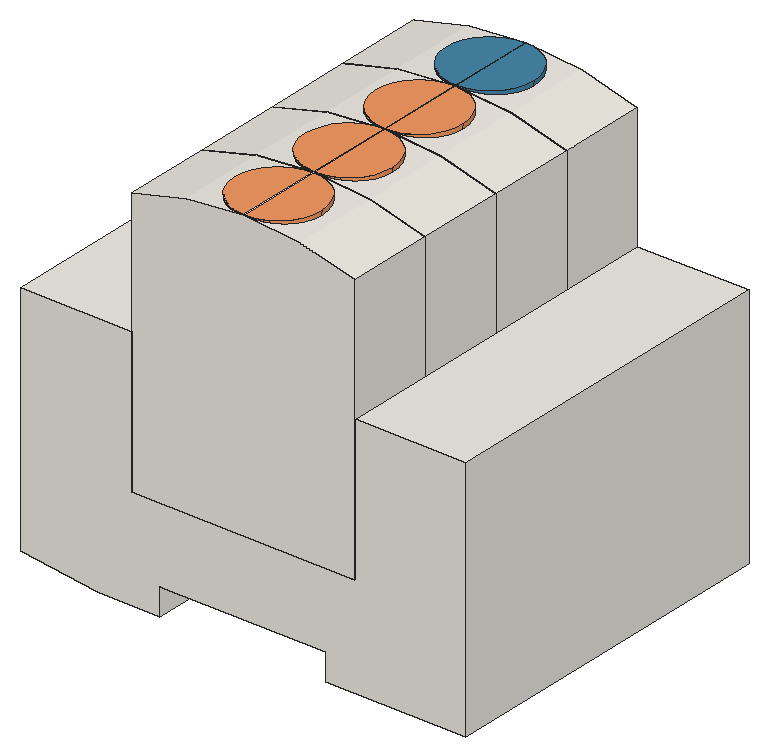
Revit family "Kombiableiter V50, 3-polig+NPE", category Generic Models, Revit 2015
Parameters (values of type "V50-3+NPE-385")
  Width = 90 mm
  URL = "http://www.obo-bettermann.com"
  Material 3 = PA 66/6 FR HF RAL 5017
  Material 2 = PA 66/6 FR HF RAL 2003
  Material = PA 66/6 FR HF RAL 9010
  Manufacturer Art.No. = "5093586"
  Manufacturer = "OBO Bettermann"
  Length = 71.2 mm
  Height = 78.5 mm
  GTIN = "4012196398607"
  Article Type = "V50-3+NPE-385"
Types (5, lengths in mm): name | Manufacturer Art.No. | GTIN | Article Type
  (no name) | "5093586" | "4012196398607" | "V50-3+NPE-385"
  V50-3+NPE-150 | "5093454" | "4012196398683" | "V50-3+NPE-150"
  V50-3+NPE-280 | "5093526" | "4012196159697" | "V50-3+NPE-280"
  V50-3+NPE-320 | "5093554" | "4012196398522" | "V50-3+NPE-320"
  V50-3+NPE-385 | "5093586" | "4012196398607" | "V50-3+NPE-385"
Reference planes
  plane 1 "Center (Front/Back)": y = 0
  plane 2: z = 0
  plane 3 "Center (Left/Right)": x = 0
  plane 4: y = 17.8
  plane 5: z = 78.5
  plane 6: z = 78.5
  plane 7: z = 77.5
  plane 8: y = 35.6
  plane 9: y = 53.4
  plane 10: y = 71.2
Forms (mm)
  Extrusion 1, solid, material "PA 66/6 FR HF RAL 9010" <- "Material"
    sketch origin (0, 0, 0) x (1, 0, 0) y (0, 0, 1)
      loop
        line (-29.35, 0) -> (-16.75, 0) -> (-16.75, 5.5) -> (16.75, 5.5) -> (16.75, 0) -> (45, 0) -> (45, 49.5) -> (22.5, 49.5) -> (22.5, 20.5) -> (-22.5, 20.5) -> (-22.5, 49.5) -> (-45, 49.5) -> (-45, 1.922) -> (-29.35, 0)
    from -71.2 to 0
  Extrusion 2, solid, material "PA 66/6 FR HF RAL 9010" <- "Material"
    sketch origin (0, 0, 0) x (1, 0, 0) y (0, 0, 1)
      loop
        line (-22.5, 20.5) -> (22.5, 20.5) -> (22.5, 74.639)
        arc (22.5, 74.639) -> (0, 78.5) -> (-22.5, 74.639) r 67.488
        line (-22.5, 74.639) -> (-22.5, 20.5)
    from -17.8 to 0
  Extrusion 3, solid, material "PA 66/6 FR HF RAL 2003" <- "Material 2"
    sketch origin (0, 0, 0) x (1, 0, 0) y (0, 1, 0)
      loop
        circle (0, 8.9) r 8.75
    from 77.5 to 78.5
  Extrusion 4, solid, material "PA 66/6 FR HF RAL 9010" <- "Material"
    sketch origin (0, 0, 0) x (1, 0, 0) y (0, 0, 1)
      loop
        line (-22.5, 74.639) -> (-22.5, 20.5) -> (22.5, 20.5) -> (22.5, 74.639)
        arc (22.5, 74.639) -> (0, 78.5) -> (-22.5, 74.639) r 67.488
    from -35.6 to -17.8
  Extrusion 5, solid, material "PA 66/6 FR HF RAL 2003" <- "Material 2"
    sketch origin (0, 0, 0) x (1, 0, 0) y (0, 1, 0)
      loop
        circle (0, 26.7) r 8.8
    from 77.5 to 78.5
  Extrusion 6, solid, material "PA 66/6 FR HF RAL 9010" <- "Material"
    sketch origin (0, 0, 0) x (1, 0, 0) y (0, 0, 1)
      loop
        line (-22.5, 74.639) -> (-22.5, 20.5) -> (22.5, 20.5) -> (22.5, 74.639)
        arc (22.5, 74.639) -> (0, 78.5) -> (-22.5, 74.639) r 67.488
    from -53.4 to -35.6
  Extrusion 7, solid, material "PA 66/6 FR HF RAL 2003" <- "Material 2"
    sketch origin (0, 0, 0) x (1, 0, 0) y (0, 1, 0)
      loop
        circle (0, 44.5) r 8.8
    from 77.5 to 78.5
  Extrusion 8, solid, material "PA 66/6 FR HF RAL 9010" <- "Material"
    sketch origin (0, 0, 0) x (1, 0, 0) y (0, 0, 1)
      loop
        line (-22.5, 74.639) -> (-22.5, 20.5) -> (22.5, 20.5) -> (22.5, 74.639)
        arc (22.5, 74.639) -> (0, 78.5) -> (-22.5, 74.639) r 67.488
    from -71.2 to -53.4
  Extrusion 9, solid, material "PA 66/6 FR HF RAL 5017" <- "Material 3"
    sketch origin (0, 0, 0) x (1, 0, 0) y (0, 1, 0)
      loop
        circle (0, 62.3) r 8.8
    from 77.5 to 78.5
Dimensions and locks
  locked: Extrusion 1 sketch curve to Extrusion 1 sketch curve at 33.5
  locked: plane 3 "Center (Left/Right)" to Extrusion 1 sketch curve at 16.75
  locked: Extrusion 1 sketch curve to level at 5.5
  "Width": Extrusion 1 sketch curve to Extrusion 1 sketch curve
  equal spacing: Extrusion 1 sketch curve, plane 3 "Center (Left/Right)", Extrusion 1 sketch curve, locked at 45 each
  locked: Extrusion 1 sketch curve to Extrusion 1 sketch curve at 44
  locked: Extrusion 1 sketch curve to Extrusion 1 sketch curve at 45
  equal spacing: Extrusion 1 sketch curve, plane 3 "Center (Left/Right)", Extrusion 1 sketch curve, locked at 22.5 each
  locked: Extrusion 1 sketch curve to Extrusion 1 sketch curve at 29
  locked: Extrusion 1 sketch curve to Extrusion 1 sketch curve at 15.65
  locked: Extrusion 1 sketch curve to level at 1.922
  "Height": plane 5 to level
  locked: Extrusion 2 sketch curve to Extrusion 1 at 54.139
  locked: Extrusion 2 to Extrusion 3 sketch curve at 8.9
  "Height": plane 6 to level
  locked: plane 6 to plane 7 at 1
  locked: plane 4 to plane 1 "Center (Front/Back)" at 17.8
  Extrusion 4 to Extrusion 5 sketch curve = 8.9 mm
  locked: plane 8 to plane 4 at 17.8
  locked: Extrusion 6 to Extrusion 7 sketch curve at 8.9
  locked: plane 9 to plane 8 at 17.8
  "Length": plane 1 "Center (Front/Back)" to plane 10
  locked: Extrusion 8 to Extrusion 9 sketch curve at 8.9
  radius of Extrusion 2 sketch curve = 67.488 mm
  radius of Extrusion 3 sketch curve = 8.75 mm
  radius of Extrusion 5 sketch curve = 8.8 mm
  radius of Extrusion 7 sketch curve = 8.8 mm
  radius of Extrusion 9 sketch curve = 8.8 mm
  aligned and locked: level to plane 2
  aligned and locked: Extrusion 1 sketch curve to level  (x2)
  aligned and locked: Extrusion 1 sketch curve to Extrusion 1 sketch curve
  aligned and locked: plane 1 "Center (Front/Back)" to Extrusion 1
  aligned and locked: Extrusion 2 sketch curve to Extrusion 1  (x3)
  aligned and locked: Extrusion 2 sketch curve to Extrusion 2 sketch curve
  aligned and locked: plane 1 "Center (Front/Back)" to Extrusion 2
  aligned and locked: plane 6 to Extrusion 3
  aligned and locked: Extrusion 3 to plane 7
  aligned and locked: Extrusion 4 sketch curve to Extrusion 2  (x4)
  aligned and locked: Extrusion 4 to plane 4
  aligned and locked: Extrusion 5 to Extrusion 3  (x2)
  aligned and locked: Extrusion 6 sketch curve to Extrusion 2  (x4)
  aligned and locked: Extrusion 6 to plane 8
  aligned and locked: Extrusion 7 to Extrusion 3  (x2)
  aligned and locked: plane 10 to Extrusion 1
  aligned and locked: Extrusion 8 sketch curve to Extrusion 2  (x4)
  aligned and locked: Extrusion 1 to Extrusion 8
  aligned and locked: Extrusion 8 to plane 9
  aligned and locked: Extrusion 9 to Extrusion 3  (x2)
Automatic sketch dimensions
  Extrusion 3 sketch curve to plane 3 "Center (Left/Right)" = 0 mm
  Extrusion 5 sketch curve to plane 3 "Center (Left/Right)" = 0 mm
  Extrusion 7 sketch curve to plane 3 "Center (Left/Right)" = 0 mm
  Extrusion 9 sketch curve to plane 3 "Center (Left/Right)" = 0 mm
